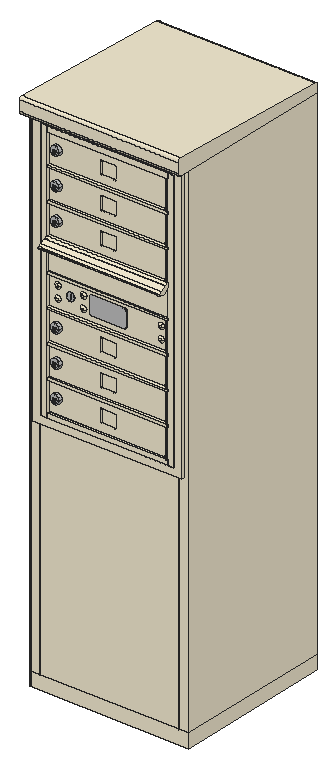
Revit family "Mailboxes_4C-Salsbury_Industries-Free_Standing-8_Door_High_Units", category Specialty Equipment, Revit 2016
Family settings
  Part Type = Normal
  Round Connector Dimension = Use Diameter
  OmniClass Number = 23.40.90.14.11
  OmniClass Title = Mail Boxes
  Work Plane-Based = No
  Always vertical = Yes
  Cut with Voids When Loaded = No
  Shared = No
  Room Calculation Point = No
Parameters (values of type "3908S-06")
  Width = 17.496"
  Visible Door Number = yes
  Version = "1.0 (06/30/17)"
  URL = "www.mailboxes.com"
  Type Comments = "Free-Standing 4C Horizontal Mailboxes - Front Loading"
  OmniClass 23 Title = "Mail Boxes"
  OmniClass 23 Number = "23.40.90.14.11"
  Model = "3908S-06"
  MasterFormat Title = "Postal Specialties"
  MasterFormat Number = "10 55 00"
  Manufacturer = "Salsbury Industries"
  Lock Material = Stainless Steel - Salsbury Finish -  Polished
  Height = 58.750"
  Front Panel Material [instance] = Paint - Salsbury Finish - Sandstone
  Front Panel Height = Height - [4C Unit Height] - 2.746"  # 25.504"
  Door Slot R8 Number [instance] = "6"
  Door Slot R7 Number [instance] = "5"
  Door Slot R6 Number [instance] = "4"
  Door Slot R5 Number [instance] = "0"
  Door Slot R4 Number [instance] = "0"
  Door Slot R3 Number [instance] = "3"
  Door Slot R2 Number [instance] = "2"
  Door Slot R1 Number [instance] = "1"
  Door Slot L8 Number [instance] = "0"
  Door Slot L7 Number [instance] = "0"
  Door Slot L6 Number [instance] = "0"
  Door Slot L5 Number [instance] = "0"
  Door Slot L4 Number [instance] = "0"
  Door Slot L3 Number [instance] = "0"
  Door Slot L2 Number [instance] = "0"
  Door Slot L1 Number [instance] = "0"
  Description = "8 Door High Unit:  6 MB1, OM2"
  Depth = 19.000"
  Assembly Description = "Mailboxes"
  Assembly Code = "C1030910"
  4C Unit Height = 30.500"
  4C Unit Elevation = 26.500"
  4C Unit = Mailboxes_4C-Salsbury_Industries-Front_Load-8_Door_High_Units : 3708S-06 FL
Reference planes (in)
  plane 1 "Center (Front/Back)": y = 0
  plane 2 "Bottom of Unit": z = 0
  plane 3 "Center (Left/Right)": x = 0
  plane 4 "Left Side of Unit": x = 8.748
  plane 5 "Right Side of Unit": x = -8.748
  plane 6 "Front of Unit": y = -9.5
  plane 7 "Back of Unit": y = 9.5
  plane 8: z = 29.375
  plane 9 "Top of Unit": z = 58.75
  plane 10 "Bottom Trim Line of Enclosure": z = 1.5
  plane 11 "Top Trim Line of Enclosure": z = 57
  plane 12 "Left Trim Line of Enclosure": x = 7.6855
  plane 13 "Right Trim Line of Enclosure": x = -7.685
  plane 14 "Top Back Line of Unit": z = 58
  plane 15 "Front Panel Top Line": z = 27.004
  plane 16 "Alignment of 4C Unit": y = -8.125
  plane 17: x = -8.667
  plane 18: x = 8.667
  plane 19: y = 9.419
  plane 20: y = -8.044
  plane 21: x = -8.667
  plane 22: x = 8.667
  plane 23: y = -8.044
  plane 24: y = 9.419
  plane 25: x = -8.667
  plane 26: x = 8.667
  plane 27: y = 9.419
  plane 28: y = -8.044
  plane 29 "Bottom Trim Line of 4C Unit": z = 26.5
  plane 30 "4C Unit Side Alignment": x = -8.17183
  plane 31: z = 0.081
Forms (in)
  Extrusion 1, solid, material "Paint - Salsbury Finish - Sandstone" <- "Front Panel Material"
    sketch origin (0, 0, 1.5) x (0, 1, 0) y (-1, 0, 0)
      loop
        line (-8.125, 7.685) -> (-8.044, 7.685) -> (-8.044, 8.667) -> (9.419, 8.667) -> (9.419, -8.667) -> (-8.044, -8.667) -> (-8.044, -7.6855) -> (-8.125, -7.6855) -> (-8.125, -8.748) -> (9.5, -8.748) -> (9.5, 8.748) -> (-8.125, 8.748) -> (-8.125, 7.685)
    from 0 to 55.5
  Extrusion 2, solid, material "Paint - Salsbury Finish - Sandstone" <- "Front Panel Material"
    sketch origin (0, 0, 0) x (1, 0, 0) y (0, 1, 0)
      loop
        line (-8.748, 9.5) -> (-8.748, -8.125) -> (8.748, -8.125) -> (8.748, 9.5) -> (-8.748, 9.5)
      loop
        line (-8.667, 9.419) -> (-8.667, -8.044) -> (8.667, -8.044) -> (8.667, 9.419) -> (-8.667, 9.419)
    from 0 to 1.5
  Extrusion 3, solid, material "Paint - Salsbury Finish - Sandstone" <- "Front Panel Material"
    sketch origin (0, 0, 0) x (1, 0, 0) y (0, 1, 0)
      loop
        line (-8.667, 9.419) -> (-8.667, -8.044) -> (8.667, -8.044) -> (8.667, 9.419) -> (-8.667, 9.419)
    from 0 to 0.081
  Extrusion 4, solid, material "Paint - Salsbury Finish - Sandstone" <- "Front Panel Material"
    sketch origin (0, -8.125, 0) x (1, 0, 0) y (0, 0, 1)
      loop
        line (7.6855, 1.5) -> (7.6855, 27.004) -> (-7.685, 27.004) -> (-7.685, 1.5) -> (7.6855, 1.5)
    from 0 to -0.081
  Extrusion 5, solid, material "Paint - Salsbury Finish - Sandstone" <- "Front Panel Material"
    sketch origin (0, 0, 0) x (0, 1, 0) y (0, 0, 1)
      loop
        line (-9.18965, 57) -> (9.5, 57) -> (9.5, 57.89071)
        arc (9.5, 57.89071) -> (9.47754, 57.95873) -> (9.419, 58) r 0.11423
        line (9.419, 58) -> (-9.184, 58.75)
        arc (-9.184, 58.75) -> (-9.40731, 58.65886) -> (-9.5, 58.43619) r 0.31382
        line (-9.5, 58.43619) -> (-9.5, 57.31035)
        arc (-9.5, 57.31035) -> (-9.4091, 57.0909) -> (-9.18965, 57) r 0.31035
    from -8.748 to 8.748
Lines and regions (in)
  symbolic lines
    curve 1: line (-8.748, 9.5, 0) -> (8.748, 9.5, 0)
    curve 2: line (-8.748, -9.5, 0) -> (-8.748, 9.5, 0)
    curve 3: line (8.748, -9.5, 0) -> (-8.748, -9.5, 0)
    curve 4: line (8.748, 9.5, 0) -> (8.748, -9.5, 0)
    curve 5: line (-8.748, 0, 58.75) -> (8.748, 0, 58.75)
    curve 6: line (-8.748, 0, 0) -> (-8.748, 0, 58.75)
    curve 7: line (8.748, 0, 0) -> (-8.748, 0, 0)
    curve 8: line (8.748, 0, 58.75) -> (8.748, 0, 0)
    curve 9: line (-8.748, 0, 57) -> (8.748, 0, 57)
    curve 10: line (-8.748, 0, 1.5) -> (8.748, 0, 1.5)
    curve 11: line (-7.685, 0, 1.5) -> (-7.685, 0, 26.5)
    curve 12: line (7.6855, 0, 1.5) -> (7.6855, 0, 26.5)
    curve 13: line (-7.685, 0, 27.004) -> (7.6855, 0, 27.004)
    curve 14: line (0, -8.125, 57.00073) -> (0, 9.5, 57.00073)
    curve 15: line (0, -8.125, 0) -> (0, -8.125, 57.00073)
    curve 16: line (0, 9.5, 0) -> (0, -8.125, 0)
    curve 17: line (0, 9.5, 57.00073) -> (0, 9.5, 0)
    curve 18: line (0, -8.125, 1.5) -> (0, 9.5, 1.5)
    curve 19: line (0, 9.5, 57.89071) -> (0, 9.5, 57.00073)
    curve 20: line (0, 9.5, 57.00073) -> (0, -9.19074, 57.00073)
    curve 21: line (0, -9.5, 57.30999) -> (0, -9.5, 58.43531)
    curve 22: arc (0, -9.19074, 57.00073) -> (0, -9.40942, 57.09131) -> (0, -9.5, 57.30999) r 0.30926
    curve 23: arc (0, -9.5, 58.43531) -> (0, -9.40736, 58.65896) -> (0, -9.18371, 58.7516) r 0.31629
    curve 24: arc (0, 9.5, 57.89071) -> (0, 9.47754, 57.95873) -> (0, 9.419, 58) r 0.11423
    curve 25: line (0, 9.419, 58) -> (0, -9.18371, 58.7516)
Dimensions and locks (in)
  equal spacing: plane 6 "Front of Unit", plane 1 "Center (Front/Back)", plane 7 "Back of Unit"
  "Depth": plane 6 "Front of Unit" to plane 7 "Back of Unit"
  equal spacing: plane 5 "Right Side of Unit", plane 3 "Center (Left/Right)", plane 4 "Left Side of Unit"
  "Width": plane 5 "Right Side of Unit" to plane 4 "Left Side of Unit"
  equal spacing: plane 2 "Bottom of Unit", plane 8, plane 9 "Top of Unit"
  plane 2 "Bottom of Unit" to plane 9 "Top of Unit" = 58.750"
  locked: plane 2 "Bottom of Unit" to plane 10 "Bottom Trim Line of Enclosure" at 1.5
  "Front Panel Height": plane 10 "Bottom Trim Line of Enclosure" to plane 15 "Front Panel Top Line"
  locked: plane 5 "Right Side of Unit" to plane 13 "Right Trim Line of Enclosure" at 1.063
  locked: plane 12 "Left Trim Line of Enclosure" to plane 4 "Left Side of Unit" at 1.0625
  plane 11 "Top Trim Line of Enclosure" to plane 14 "Top Back Line of Unit" to plane 9 "Top of Unit" = 1.000", 0.750"
  plane 6 "Front of Unit" to plane 16 "Alignment of 4C Unit" = 1.375"
  plane 11 "Top Trim Line of Enclosure" to plane 9 "Top of Unit" = 1.750"
  plane 5 "Right Side of Unit" to plane 17 = 0.081"
  plane 19 to plane 7 "Back of Unit" = 0.081"
  plane 18 to plane 4 "Left Side of Unit" = 0.081"
  plane 16 "Alignment of 4C Unit" to plane 20 = 0.081"
  plane 24 to plane 7 "Back of Unit" = 0.081"
  plane 5 "Right Side of Unit" to plane 21 = 0.081"
  plane 22 to plane 4 "Left Side of Unit" = 0.081"
  plane 16 "Alignment of 4C Unit" to plane 23 = 0.081"
  plane 16 "Alignment of 4C Unit" to plane 28 = 0.081"
  plane 26 to plane 4 "Left Side of Unit" = 0.081"
  plane 5 "Right Side of Unit" to plane 25 = 0.081"
  plane 27 to plane 7 "Back of Unit" = 0.081"
  plane 30 "4C Unit Side Alignment" to plane 13 "Right Trim Line of Enclosure" = 0.48683"
  locked: plane 31 to plane 2 "Bottom of Unit" at 0.081
  "Height": plane 9 "Top of Unit" to plane 2 "Bottom of Unit"
  "4C Unit Height": plane 11 "Top Trim Line of Enclosure" to plane 29 "Bottom Trim Line of 4C Unit"
  plane 15 "Front Panel Top Line" to plane 29 "Bottom Trim Line of 4C Unit" = 0.504"
  aligned and locked: level to plane 2 "Bottom of Unit"
  aligned and locked: Extrusion 1 to plane 11 "Top Trim Line of Enclosure"
  aligned and locked: Extrusion 2 sketch curve to Extrusion 1  (x4)
  aligned and locked: Extrusion 2 to plane 10 "Bottom Trim Line of Enclosure"
  aligned and locked: Extrusion 3 sketch curve to Extrusion 1  (x3)
  aligned and locked: plane 15 "Front Panel Top Line" to Extrusion 4 sketch curve
  aligned and locked: plane 13 "Right Trim Line of Enclosure" to Extrusion 4 sketch curve
  aligned and locked: plane 12 "Left Trim Line of Enclosure" to Extrusion 4 sketch curve
  aligned and locked: Extrusion 5 to plane 4 "Left Side of Unit"
  aligned and locked: plane 5 "Right Side of Unit" to Extrusion 5
  aligned and locked: plane 13 "Right Trim Line of Enclosure" to Extrusion 1 sketch curve
  aligned and locked: Extrusion 1 sketch curve to plane 20
  aligned and locked: Extrusion 1 sketch curve to plane 16 "Alignment of 4C Unit"  (x2)
  aligned and locked: Extrusion 1 sketch curve to plane 5 "Right Side of Unit"
  aligned and locked: plane 17 to Extrusion 1 sketch curve
  aligned and locked: Extrusion 1 sketch curve to plane 19
  aligned and locked: plane 7 "Back of Unit" to Extrusion 1 sketch curve
  aligned and locked: plane 4 "Left Side of Unit" to Extrusion 1 sketch curve
  aligned and locked: Extrusion 1 sketch curve to plane 18
  aligned and locked: plane 20 to Extrusion 1 sketch curve
  aligned and locked: plane 12 "Left Trim Line of Enclosure" to Extrusion 1 sketch curve
  aligned and locked: plane 10 "Bottom Trim Line of Enclosure" to Extrusion 1
  aligned and locked: plane 6 "Front of Unit" to Extrusion 5 sketch curve  (x2)
  aligned and locked: plane 11 "Top Trim Line of Enclosure" to Extrusion 5 sketch curve
  aligned and locked: Extrusion 5 sketch curve to plane 7 "Back of Unit"
  aligned and locked: plane 7 "Back of Unit" to Extrusion 5 sketch curve
  aligned and locked: plane 14 "Top Back Line of Unit" to Extrusion 5 sketch curve
  aligned and locked: plane 9 "Top of Unit" to Extrusion 5 sketch curve
  aligned and locked: Extrusion 4 sketch curve to plane 10 "Bottom Trim Line of Enclosure"
  aligned and locked: plane 16 "Alignment of 4C Unit" to Extrusion 4
  aligned and locked: Extrusion 4 to plane 28
  aligned and locked: Extrusion 3 to plane 2 "Bottom of Unit"
  aligned and locked: plane 31 to Extrusion 3
  aligned and locked: Extrusion 2 to plane 2 "Bottom of Unit"
  aligned and locked: plane 22 to Extrusion 2 sketch curve
  aligned and locked: Extrusion 2 sketch curve to plane 21
  aligned and locked: plane 24 to Extrusion 2 sketch curve
  aligned and locked: curve 1 to Extrusion 1
  aligned and locked: curve 2 to Extrusion 1
  aligned and locked: curve 4 to Extrusion 1
  aligned and locked: curve 6 to Extrusion 5
  aligned and locked: curve 7 to Extrusion 2
  aligned and locked: plane 9 "Top of Unit" to curve 5
  aligned and locked: curve 9 to Extrusion 1
  aligned and locked: plane 5 "Right Side of Unit" to curve 9
  aligned and locked: plane 4 "Left Side of Unit" to curve 9
  aligned and locked: plane 4 "Left Side of Unit" to curve 10
  aligned and locked: Extrusion 1 to curve 11
  aligned and locked: plane 10 "Bottom Trim Line of Enclosure" to curve 11
  aligned and locked: curve 12 to Extrusion 1
  aligned and locked: plane 10 "Bottom Trim Line of Enclosure" to curve 12
  aligned and locked: curve 13 to Extrusion 4
  aligned and locked: plane 12 "Left Trim Line of Enclosure" to curve 13
  aligned and locked: plane 13 "Right Trim Line of Enclosure" to curve 13
  aligned and locked: plane 7 "Back of Unit" to curve 17
  aligned and locked: plane 2 "Bottom of Unit" to curve 16
  aligned and locked: plane 11 "Top Trim Line of Enclosure" to Extrusion 5
  aligned and locked: plane 16 "Alignment of 4C Unit" to Extrusion 1
  aligned and locked: Extrusion 1 to curve 18
  aligned and locked: plane 7 "Back of Unit" to curve 18
  aligned and locked: plane 16 "Alignment of 4C Unit" to curve 18
  aligned and locked: curve 19 to Extrusion 5
  aligned and locked: curve 20 to curve 14
  aligned and locked: curve 21 to Extrusion 5
  aligned and locked: plane 29 "Bottom Trim Line of 4C Unit" to curve 12
  aligned and locked: curve 3 to plane 6 "Front of Unit"
  aligned and locked: plane 30 "4C Unit Side Alignment" to nested 1
Automatic sketch dimensions
  Extrusion 5 sketch curve to plane 27 = 0.000"
  Extrusion 5 sketch curve to plane 6 "Front of Unit" = 0.31035"
  Extrusion 5 sketch curve to plane 6 "Front of Unit" = 0.31382"
  plane 27 to Extrusion 5 sketch curve = 0.03323"
  Extrusion 5 sketch curve to Extrusion 5 sketch curve = 0.00218"
  plane 23 to Extrusion 2 sketch curve = 0.000"
  plane 28 to Extrusion 3 sketch curve = 0.000"
  plane 14 "Top Back Line of Unit" to curve 25 = 0.000"
  curve 25 to plane 27 = 0.000"
  curve 22 to plane 6 "Front of Unit" = 0.30926"
  plane 27 to curve 24 = 0.03323"
  curve 15 to plane 11 "Top Trim Line of Enclosure" = 0.00073"
  plane 9 "Top of Unit" to curve 21 = 0.31469"
  curve 25 to plane 9 "Top of Unit" = 0.0016"
  curve 11 to plane 29 "Bottom Trim Line of 4C Unit" = 0.000"
Nested families (in)
  nested 1: "Mailboxes_4C-Salsbury_Industries-Front_Load-8_Door_High_Units" at (7.377, -8.125, -0.183) x (-1, 0, 0) z (0, 0, 1), built-in parameter 1001360 <- "4C Unit Elevation", type <- "4C Unit", Front Panel Material <- "Front Panel Material", Visible Door Number <- "Visible Door Number", Door Slot L1 Number <- "Door Slot L1 Number", Door Slot L2 Number <- "Door Slot L2 Number", Door Slot L3 Number <- "Door Slot L3 Number", Door Slot L4 Number <- "Door Slot L4 Number", Door Slot L5 Number <- "Door Slot L5 Number", Door Slot L6 Number <- "Door Slot L6 Number", Door Slot L7 Number <- "Door Slot L7 Number", Door Slot L8 Number <- "Door Slot L8 Number", Door Slot R1 Number <- "Door Slot R1 Number", Door Slot R2 Number <- "Door Slot R2 Number", Door Slot R3 Number <- "Door Slot R3 Number", Door Slot R4 Number <- "Door Slot R4 Number", Door Slot R5 Number <- "Door Slot R5 Number", Door Slot R6 Number <- "Door Slot R6 Number", Door Slot R7 Number <- "Door Slot R7 Number", Door Slot R8 Number <- "Door Slot R8 Number", type "3708S-06 FL"
    with Visible Door Number yes, Front Panel Material Paint - Salsbury Finish - Sandstone, Door Slot R8 Number "6", Door Slot R7 Number "5", Door Slot R6 Number "4", Door Slot R5 Number "0", Door Slot R4 Number "0", Door Slot R3 Number "3", Door Slot R2 Number "2", Door Slot R1 Number "1", Door Slot L8 Number "0", Door Slot L7 Number "0", Door Slot L6 Number "0", Door Slot L5 Number "0", Door Slot L4 Number "0", Door Slot L3 Number "0", Door Slot L2 Number "0", Door Slot L1 Number "0", built-in parameter 1001320 48.000"
Definition of nested family "Mailboxes_4C-Salsbury_Industries-Front_Load-8_Door_High_Units"
  Parameters (values of type "3708S-06 FL")
    Width = 16.344"
    URL = "www.mailboxes.com"
    OmniClass 23 Title = "Mail Boxes"
    OmniClass 23 Number = "23.40.90.14.11"
    Visible Door Number [instance] = yes
    Vertical Center Divider = no
    Version = "3.0 (06/30/17)"
    Type Comments = "4C Standard Horizontal Mailbox - Front Loading"
    Top Back Plate = yes
    Right Inside Wall = yes
    Model = "3708S-06 FL"
    MasterFormat Title = "Postal Specialties"
    MasterFormat Number = "10 55 00"
    Manufacturer = "Salsbury Industries"
    Mail Door Symbollic = yes
    Lock Material = none
    Left Inside Wall = yes
    Keynote = ""
    Height = 30.500"
    Front Panel Material [instance] = none
    Door Slot R8 Number [instance] = "6"
    Door Slot R8 = 3700 Series 4C Door Configurations : MB1 Door w/ Divider
    Door Slot R7 Number [instance] = "5"
    Door Slot R7 = 3700 Series 4C Door Configurations : MB1 Door w/ Divider
    Door Slot R6 Number [instance] = "4"
    Door Slot R6 = 3700 Series 4C Door Configurations : MB1 Door w/ Divider
    Door Slot R5 Number [instance] = "0"
    Door Slot R5 = 3700 Series 4C OM2 Configuration : OM2-FL
    Door Slot R4 Number [instance] = "0"
    Door Slot R4 = 3700 Series 4C Door Configurations : Empty
    Door Slot R3 Number [instance] = "3"
    Door Slot R3 = 3700 Series 4C Door Configurations : MB1 Door w/ Divider
    Door Slot R2 Number [instance] = "2"
    Door Slot R2 = 3700 Series 4C Door Configurations : MB1 Door w/ Divider
    Door Slot R1 Number [instance] = "1"
    Door Slot R1 = 3700 Series 4C Door Configurations : MB1 Door
    Door Slot L8 Number [instance] = "0"
    Door Slot L8 = 3700 Series 4C Door Configurations : Empty
    Door Slot L7 Number [instance] = "0"
    Door Slot L7 = 3700 Series 4C Door Configurations : Empty
    Door Slot L6 Number [instance] = "0"
    Door Slot L6 = 3700 Series 4C Door Configurations : Empty
    Door Slot L5 Number [instance] = "0"
    Door Slot L5 = 3700 Series 4C Door Configurations : Empty
    Door Slot L4 Number [instance] = "0"
    Door Slot L4 = 3700 Series 4C Door Configurations : Empty
    Door Slot L3 Number [instance] = "0"
    Door Slot L3 = 3700 Series 4C Door Configurations : Empty
    Door Slot L2 Number [instance] = "0"
    Door Slot L2 = 3700 Series 4C Door Configurations : Empty
    Door Slot L1 Number [instance] = "0"
    Door Slot L1 = 3700 Series 4C Door Configurations : Empty
    Description = "8 Door High Unit:  6 MB1, OM2"
    Depth = 17.025"
    Default Elevation [instance] = 48.000"
    Center Extrusion Offset = 0.000"
    Bottom Back Plate = yes
    Back Enclosure Material = none
    Assembly Description = "Mailboxes"
    Assembly Code = "C1030910"
  Types (11): name | Width | Vertical Center Divider | Type Comments | Top Back Plate | Right Inside Wall | Model | Mail Door Symbollic | Left Inside Wall | Door Slot R8 Number | Door Slot R8 | Door Slot R7 Number | Door Slot R7 | Door Slot R6 Number | Door Slot R6 | Door Slot R5 | Door Slot R4 Number | Door Slot R4 | Door Slot R3 Number | Door Slot R3 | Door Slot R2 Number | Door Slot R2 | Door Slot R1 Number | Door Slot R1 | Door Slot L8 Number | Door Slot L8 | Door Slot L7 Number | Door Slot L7 | Door Slot L6 Number | Door Slot L6 | Door Slot L5 Number | Door Slot L5 | Door Slot L4 Number | Door Slot L4 | Door Slot L3 Number | Door Slot L3 | Door Slot L2 Number | Door Slot L2 | Door Slot L1 Number | Door Slot L1 | Description | Center Extrusion Offset | Bottom Back Plate
    3708S-1B FL | 16.344" | no | "4C Horizontal Receptacle Bin - Front Loading" | no | no | "3708S-1B FL" | no | no | "0" | 4C-8 Door High Receptacle : 4C-8 Door High Receptacle | "0" | 3700 Series 4C Door Configurations : Empty | "0" | 3700 Series 4C Door Configurations : Empty | 3700 Series 4C Door Configurations : Empty | "0" | 3700 Series 4C Door Configurations : Empty | "0" | 3700 Series 4C Door Configurations : Empty | "0" | 3700 Series 4C Door Configurations : Empty | "0" | 3700 Series 4C Door Configurations : Empty | "0" | 3700 Series 4C Door Configurations : Empty | "0" | 3700 Series 4C Door Configurations : Empty | "0" | 3700 Series 4C Door Configurations : Empty | "0" | 3700 Series 4C Door Configurations : Empty | "0" | 3700 Series 4C Door Configurations : Empty | "0" | 3700 Series 4C Door Configurations : Empty | "0" | 3700 Series 4C Door Configurations : Empty | "0" | 3700 Series 4C Door Configurations : Empty | "8 Door High Unit" | 48.000" | no
    3708S-1C FL | 16.344" | no | "4C Horizontal Collection Box - Front Loading" | no | no | "3708S-1C FL" | no | no | "0" | 4C-8 Door High Collection Box : 4C-8 Door High Collection Box | "0" | 3700 Series 4C Door Configurations : Empty | "0" | 3700 Series 4C Door Configurations : Empty | 3700 Series 4C Door Configurations : Empty | "0" | 3700 Series 4C Door Configurations : Empty | "0" | 3700 Series 4C Door Configurations : Empty | "0" | 3700 Series 4C Door Configurations : Empty | "0" | 3700 Series 4C Door Configurations : Empty | "0" | 3700 Series 4C Door Configurations : Empty | "0" | 3700 Series 4C Door Configurations : Empty | "0" | 3700 Series 4C Door Configurations : Empty | "0" | 3700 Series 4C Door Configurations : Empty | "0" | 3700 Series 4C Door Configurations : Empty | "0" | 3700 Series 4C Door Configurations : Empty | "0" | 3700 Series 4C Door Configurations : Empty | "0" | 3700 Series 4C Door Configurations : Empty | "8 Door High Unit" | 48.000" | no
    3708D-14 FL | 31.09766" | yes | "4C Standard Horizontal Mailbox - Front Loading" | yes | yes | "3708D-14 FL" | yes | yes | "14" | 3700 Series 4C Door Configurations : MB1 Door w/ Divider | "13" | 3700 Series 4C Door Configurations : MB1 Door w/ Divider | "12" | 3700 Series 4C Door Configurations : MB1 Door w/ Divider | 3700 Series 4C OM2 Configuration : OM2-FL | "0" | 3700 Series 4C Door Configurations : Empty | "11" | 3700 Series 4C Door Configurations : MB1 Door w/ Divider | "10" | 3700 Series 4C Door Configurations : MB1 Door w/ Divider | "9" | 3700 Series 4C Door Configurations : MB1 Door | "8" | 3700 Series 4C Door Configurations : MB1 Door w/ Divider | "7" | 3700 Series 4C Door Configurations : MB1 Door w/ Divider | "6" | 3700 Series 4C Door Configurations : MB1 Door w/ Divider | "5" | 3700 Series 4C Door Configurations : MB1 Door w/ Divider | "4" | 3700 Series 4C Door Configurations : MB1 Door w/ Divider | "3" | 3700 Series 4C Door Configurations : MB1 Door w/ Divider | "2" | 3700 Series 4C Door Configurations : MB1 Door w/ Divider | "1" | 3700 Series 4C Door Configurations : MB1 Door | "8 Door High Unit:  14 MB1, OM2" | 0.000" | yes
    3708S-06 FL | 16.344" | no | "4C Standard Horizontal Mailbox - Front Loading" | yes | yes | "3708S-06 FL" | yes | yes | "6" | 3700 Series 4C Door Configurations : MB1 Door w/ Divider | "5" | 3700 Series 4C Door Configurations : MB1 Door w/ Divider | "4" | 3700 Series 4C Door Configurations : MB1 Door w/ Divider | 3700 Series 4C OM2 Configuration : OM2-FL | "0" | 3700 Series 4C Door Configurations : Empty | "3" | 3700 Series 4C Door Configurations : MB1 Door w/ Divider | "2" | 3700 Series 4C Door Configurations : MB1 Door w/ Divider | "1" | 3700 Series 4C Door Configurations : MB1 Door | "0" | 3700 Series 4C Door Configurations : Empty | "0" | 3700 Series 4C Door Configurations : Empty | "0" | 3700 Series 4C Door Configurations : Empty | "0" | 3700 Series 4C Door Configurations : Empty | "0" | 3700 Series 4C Door Configurations : Empty | "0" | 3700 Series 4C Door Configurations : Empty | "0" | 3700 Series 4C Door Configurations : Empty | "0" | 3700 Series 4C Door Configurations : Empty | "8 Door High Unit:  6 MB1, OM2" | 0.000" | yes
    3708D-13 FL | 31.09766" | yes | "4C Standard Horizontal Mailbox - Front Loading" | yes | yes | "3708D-13 FL" | yes | yes | "13" | 3700 Series 4C Door Configurations : MB1 Door w/ Divider | "12" | 3700 Series 4C Door Configurations : MB1 Door w/ Divider | "0" | 3700 Series 4C OM3 Configuration : OM3-FL | 3700 Series 4C Door Configurations : Empty | "0" | 3700 Series 4C Door Configurations : Empty | "11" | 3700 Series 4C Door Configurations : MB1 Door w/ Divider | "10" | 3700 Series 4C Door Configurations : MB1 Door w/ Divider | "9" | 3700 Series 4C Door Configurations : MB1 Door | "8" | 3700 Series 4C Door Configurations : MB1 Door w/ Divider | "7" | 3700 Series 4C Door Configurations : MB1 Door w/ Divider | "6" | 3700 Series 4C Door Configurations : MB1 Door w/ Divider | "5" | 3700 Series 4C Door Configurations : MB1 Door w/ Divider | "4" | 3700 Series 4C Door Configurations : MB1 Door w/ Divider | "3" | 3700 Series 4C Door Configurations : MB1 Door w/ Divider | "2" | 3700 Series 4C Door Configurations : MB1 Door w/ Divider | "1" | 3700 Series 4C Door Configurations : MB1 Door | "8 Door High Unit:  13 MB1, OM3" | 0.000" | yes
    3708D-09 FL | 31.09766" | yes | "4C Standard Horizontal Mailbox - Front Loading" | yes | yes | "3708D-09 FL" | yes | yes | "9" | 3700 Series 4C Door Configurations : MB1 Door w/ Divider | "8" | 3700 Series 4C Door Configurations : MB1 Door w/ Divider | "7" | 3700 Series 4C Door Configurations : MB1 Door w/ Divider | 3700 Series 4C OM2 Configuration : OM2-FL | "0" | 3700 Series 4C Door Configurations : Empty | "6" | 3700 Series 4C Door Configurations : MB1 Door w/ Divider | "5" | 3700 Series 4C Door Configurations : MB1 Door w/ Divider | "4" | 3700 Series 4C Door Configurations : MB1 Door | "1P" | 3700 Series 4C Parcel Configurations : PL5 w/ Divider | "0" | 3700 Series 4C Door Configurations : Empty | "0" | 3700 Series 4C Door Configurations : Empty | "0" | 3700 Series 4C Door Configurations : Empty | "0" | 3700 Series 4C Door Configurations : Empty | "3" | 3700 Series 4C Door Configurations : MB1 Door w/ Divider | "2" | 3700 Series 4C Door Configurations : MB1 Door w/ Divider | "1" | 3700 Series 4C Door Configurations : MB1 Door | "8 Door High Unit:  9 MB1, 1 PL5, OM2" | 0.000" | yes
    3708D-07 FL | 31.09766" | yes | "4C Standard Horizontal Mailbox - Front Loading" | yes | yes | "3708D-07 FL" | yes | yes | "7" | 3700 Series 4C Door Configurations : MB2 Door w/ Divider | "0" | 3700 Series 4C Door Configurations : Empty | "6" | 3700 Series 4C Door Configurations : MB2 Door w/ Divider | 3700 Series 4C Door Configurations : Empty | "0" | 3700 Series 4C OM2 Configuration : OM2-FL | "0" | 3700 Series 4C Door Configurations : Empty | "5" | 3700 Series 4C Door Configurations : MB2 Door | "0" | 3700 Series 4C Door Configurations : Empty | "4" | 3700 Series 4C Door Configurations : MB2 Door w/ Divider | "0" | 3700 Series 4C Door Configurations : Empty | "3" | 3700 Series 4C Door Configurations : MB2 Door w/ Divider | "0" | 3700 Series 4C Door Configurations : Empty | "2" | 3700 Series 4C Door Configurations : MB2 Door w/ Divider | "0" | 3700 Series 4C Door Configurations : Empty | "1" | 3700 Series 4C Door Configurations : MB2 Door | "0" | 3700 Series 4C Door Configurations : Empty | "8 Door High Unit:  7 MB2, OM2" | 0.000" | yes
    3708D-04 FL | 31.09766" | yes | "4C Standard Horizontal Mailbox - Front Loading" | yes | yes | "3708D-04 FL" | yes | yes | "4" | 3700 Series 4C Door Configurations : MB2 Door w/ Divider | "0" | 3700 Series 4C Door Configurations : Empty | "3" | 3700 Series 4C Door Configurations : MB2 Door w/ Divider | 3700 Series 4C Door Configurations : Empty | "0" | 3700 Series 4C OM2 Configuration : OM2-FL | "0" | 3700 Series 4C Door Configurations : Empty | "2" | 3700 Series 4C Door Configurations : MB2 Door | "0" | 3700 Series 4C Door Configurations : Empty | "1P" | 3700 Series 4C Parcel Configurations : PL6 w/ Divider | "0" | 3700 Series 4C Door Configurations : Empty | "0" | 3700 Series 4C Door Configurations : Empty | "0" | 3700 Series 4C Door Configurations : Empty | "0" | 3700 Series 4C Door Configurations : Empty | "0" | 3700 Series 4C Door Configurations : Empty | "1" | 3700 Series 4C Door Configurations : MB2 Door | "0" | 3700 Series 4C Door Configurations : Empty | "8 Door High Unit:  4 MB2, 1 PL6, OM2" | 0.000" | yes
    3708S-03 FL | 16.344" | no | "4C Standard Horizontal Mailbox - Front Loading" | yes | yes | "3708S-03 FL" | yes | yes | "3" | 3700 Series 4C Door Configurations : MB2 Door w/ Divider | "0" | 3700 Series 4C Door Configurations : Empty | "2" | 3700 Series 4C Door Configurations : MB2 Door w/ Divider | 3700 Series 4C Door Configurations : Empty | "0" | 3700 Series 4C OM2 Configuration : OM2-FL | "0" | 3700 Series 4C Door Configurations : Empty | "1" | 3700 Series 4C Door Configurations : MB2 Door | "0" | 3700 Series 4C Door Configurations : Empty | "0" | 3700 Series 4C Door Configurations : Empty | "0" | 3700 Series 4C Door Configurations : Empty | "0" | 3700 Series 4C Door Configurations : Empty | "0" | 3700 Series 4C Door Configurations : Empty | "0" | 3700 Series 4C Door Configurations : Empty | "0" | 3700 Series 4C Door Configurations : Empty | "0" | 3700 Series 4C Door Configurations : Empty | "0" | 3700 Series 4C Door Configurations : Empty | "8 Door High Unit:  3 MB2, OM2" | 0.000" | yes
    3708S-01 FL | 16.344" | no | "4C Standard Horizontal Mailbox - Front Loading" | yes | yes | "3708S-01 FL" | yes | yes | "1P" | 3700 Series 4C Parcel Configurations : PL5 w/ Divider | "0" | 3700 Series 4C Door Configurations : Empty | "0" | 3700 Series 4C Door Configurations : Empty | 3700 Series 4C Door Configurations : Empty | "0" | 3700 Series 4C Door Configurations : Empty | "0" | 3700 Series 4C OM2 Configuration : OM2-FL | "0" | 3700 Series 4C Door Configurations : Empty | "1" | 3700 Series 4C Door Configurations : MB1 Door | "0" | 3700 Series 4C Door Configurations : Empty | "0" | 3700 Series 4C Door Configurations : Empty | "0" | 3700 Series 4C Door Configurations : Empty | "0" | 3700 Series 4C Door Configurations : Empty | "0" | 3700 Series 4C Door Configurations : Empty | "0" | 3700 Series 4C Door Configurations : Empty | "0" | 3700 Series 4C Door Configurations : Empty | "0" | 3700 Series 4C Door Configurations : Empty | "8 Door High Unit:  1 MB1, 1 PL5, OM2" | 0.000" | yes
    3708S-2P FL | 16.344" | no | "4C Standard Horizontal Mailbox - Front Loading" | yes | yes | "3708S-2P FL" | no | yes | "2P" | 3700 Series 4C Parcel Configurations : PL4 w/ Divider | "0" | 3700 Series 4C Door Configurations : Empty | "0" | 3700 Series 4C Door Configurations : Empty | 3700 Series 4C Door Configurations : Empty | "1P" | 3700 Series 4C Parcel Configurations : PL4 | "0" | 3700 Series 4C Door Configurations : Empty | "0" | 3700 Series 4C Door Configurations : Empty | "0" | 3700 Series 4C Door Configurations : Empty | "0" | 3700 Series 4C Door Configurations : Empty | "0" | 3700 Series 4C Door Configurations : Empty | "0" | 3700 Series 4C Door Configurations : Empty | "0" | 3700 Series 4C Door Configurations : Empty | "0" | 3700 Series 4C Door Configurations : Empty | "0" | 3700 Series 4C Door Configurations : Empty | "0" | 3700 Series 4C Door Configurations : Empty | "0" | 3700 Series 4C Door Configurations : Empty | "8 Door High Unit:  2 PL4" | 0.000" | yes
  Reference planes (in)
    plane 1 "Wall Centerline": y = -3
    plane 2 "Center (Left/Right)": x = 0
    plane 3 "Front": y = 0
    plane 4 "15" AFF": z = 28
    plane 5 "28" AFF": z = 28
    plane 6 "36" AFF": z = 36
    plane 7 "48" AFF": z = 48
    plane 8 "Bottom of Unit": z = 26.683
    plane 9 "Top of Unit": z = 57.183
    plane 10 "Left Side of Unit": x = 15.54883
    plane 11 "Right Side of Unit": x = -0.79517
    plane 12 "28" AFF_Bottom of Unit": z = 26.683
    plane 13 "Top Horiz Trim Align": z = 56.35225
    plane 14 "Bottom Horiz Trim Align": z = 27.515
    plane 15 "Left Trim Align": x = 14.716
    plane 16 "Right Trim Align": x = 0.03766
    plane 17 "Left Door Align": x = 14.06641
    plane 18 "Right Door Align": x = 0.68725
    plane 19 "Top Horiz Door Align": z = 55.76125
    plane 20 "Bottom Horiz Door Align": z = 28
    plane 21 "Front Face of Unit": y = 0.265
    plane 22 "Top Housing Align": z = 56.679
    plane 23 "Top Collar Align": z = 56.531
    plane 24 "Top Box Align": z = 56.176
    plane 25 "Vertical Housing Align": y = -1.205
    plane 26 "Vertical Collar Align": y = -2.205
    plane 27 "Back of Unit": y = -16.76
    plane 28 "Bottom Housing Align": z = 27.187
    plane 29 "Bottom Collar Align": z = 27.335
    plane 30 "Bottom Box Align": z = 27.75
    plane 31 "Door Alignment": y = -0.33191
    plane 32 "Right Housing Align": x = -0.08817
    plane 33 "Right Collar Align": x = 1.34483
    plane 34 "Right Box Side Align": x = 1.67283
    plane 35 "Left Housing Align": x = 14.84183
    plane 36 "Left Collar Align": x = 13.40883
    plane 37 "Left Side Box Align": x = 13.08083
    plane 38 "Top Back Plate Align": z = 55.397
    plane 39 "Bottom Back Plate Align": z = 28.499
    plane 40 "Back": y = -6
    plane 41 "RO Left Side": x = 15.17383
    plane 42 "RO Right Side": x = -0.42017
    plane 43 "RO Bottom": z = 27.058
    plane 44 "RO Top": z = 56.808
    plane 45 "Horiz Centerline": z = 42.04237
    plane 46: z = 27.885
    plane 47: x = 12.99983
    plane 48: x = 12.92758
    plane 49 "Center Extrusion": x = 0
    plane 50 "Center Extrusion Offset": x = 0
    plane 51 "Row 8 Top Align": z = 31.5
    plane 52 "Row 7 Top Align": z = 35
    plane 53 "Row 6 Top Align": z = 38.5
    plane 54 "Row 5 Top Align": z = 42
    plane 55 "Row 4 Top Align": z = 45.5
    plane 56 "Row 3 Top Align": z = 49
    plane 57 "Row 2 Top Align": z = 52.5
    plane 58 "Row 16 Top Align-Private": z = 31.5
    plane 59 "Row 15 Top Align-Private": z = 35
    plane 60 "Row 14 Top Align-Private": z = 38.5
    plane 61 "Row 13 Top Align-Private": z = 42
    plane 62 "Row 12 Top Align-Private": z = 45.5
    plane 63 "Row 11 Top Align-Private": z = 49
    plane 64 "Row 10 Top Align-Private": z = 52.25
    plane 65 "Row 9 Top Align-Private": z = 55.75
    plane 66 "Row 8 Top Align-Private": z = 59.25
    plane 67 "Top of Face Gap": z = 61.25
    plane 68 "Top Latch Align": z = 47.876
    plane 69 "Bottom Latch Align": z = 36.05
    plane 70 "Right Latch Align": x = -0.69183
    plane 71 "Left Latch Align": x = 0.69098
    plane 72 "Latch Alignment Edge": x = -0.79517
    plane 73: x = -12.92783
    plane 74: x = -12.99983
    plane 75: y = -16.84203
    plane 76: x = -2
    plane 77: x = -0.7705
    plane 78: x = 0.7705
    plane 79: x = 2
    plane 80: y = -16.67797
    plane 81: x = -0.69098
    plane 82: x = 0.69183
    plane 83: z = 53.897
    plane 84: z = 29.999
    plane 85: z = 55.81729
    plane 86: z = 28.41625
    plane 87: z = 27.446
    plane 88: z = 28.055
    plane 89: y = -6
    plane 90: x = 14.06267
  Forms (in)
    Extrusion 1, solid, material <- "Front Panel Material"
      sketch origin (0, 0, 0) x (1, 0, 0) y (0, 0, 1)
        loop
          line (15.54883, 57.183) -> (-0.79517, 57.183) -> (-0.79517, 26.683) -> (15.54883, 26.683) -> (15.54883, 57.183)
      from -0.265 to 0
    Extrusion 2, void
      sketch origin (0, 0.265, 0.00774) x (0, 0, -1) y (-1, 0, 0)
        loop
          line (-56.34451, -14.716) -> (-27.50726, -14.716) -> (-27.50726, -0.03766) -> (-56.34451, -0.03766) -> (-56.34451, -14.716)
      from -0.265 to 0
    Extrusion 3, solid, material <- "Front Panel Material"
      sketch origin (14.98214, 0.265, -1.67978) x (0, 0, -1) y (-1, 0, 0)
        loop
          line (-58.03203, 14.94448) -> (-58.03203, 14.29489) -> (-29.19478, 14.29489) -> (-29.19478, 14.94448) -> (-58.03203, 14.94448)
      from 0 to -0.265
    Extrusion 4, solid, material <- "Front Panel Material"
      sketch origin (0, 0.265, 0) x (0, 0, -1) y (-1, 0, 0)
        loop
          line (-27.515, -14.06641) -> (-27.515, -0.68725) -> (-28, -0.68725) -> (-28, -14.06641) -> (-27.515, -14.06641)
      from -0.265 to 0
    Extrusion 5, solid, material <- "Front Panel Material"
      sketch origin (0, 0.265, 0) x (0, 0, -1) y (-1, 0, 0)
        loop
          line (-56.35225, -14.716) -> (-27.515, -14.716) -> (-27.515, -14.06641) -> (-56.35225, -14.06641) -> (-56.35225, -14.716)
      from 0 to -0.265
    Extrusion 6, solid, material <- "Front Panel Material"
      sketch origin (0, 0.265, 0) x (0, 0, -1) y (-1, 0, 0)
        loop
          line (-56.35225, -14.06641) -> (-55.76125, -14.06641) -> (-55.76125, -0.68725) -> (-56.35225, -0.68725) -> (-56.35225, -14.06641)
      from -0.265 to 0
    Extrusion 7, solid, material <- "Front Panel Material", visible <- "Vertical Center Divider"
      sketch origin (-0.77934, 0.265, 0) x (0, 0, 1) y (1, 0, 0)
        loop
          line (56.35225, 1.47033) -> (27.515, 1.47033) -> (27.515, 0.08752) -> (56.35225, 0.08752) -> (56.35225, 1.47033)
      from 0 to -1.47
    Extrusion 8, solid
      sketch origin (0, -6, 60) x (0, 0, 1) y (1, 0, 0)
        loop
          line (-60, -60) -> (60, -60) -> (60, 60) -> (-60, 60) -> (-60, -60)
      from 0 to 6
  Cuts and joins
    Extrusion 2 cuts Extrusion 1
  Lines and regions (in)
    model lines
      curve 1: line (15.54883, 0.265, 57.183) -> (14.716, 0.265, 56.35225)
      curve 2: line (-0.79517, 0.265, 57.183) -> (0.03766, 0.265, 56.35225)
      curve 3: line (-0.79517, 0.265, 26.683) -> (0.03766, 0.265, 27.515)
      curve 4: line (15.54883, 0.265, 26.683) -> (14.716, 0.265, 27.515)
    reference lines
      curve 5: line (0.68725, -0.33191, 26.683) -> (0.68725, -0.33191, 57.183)
      curve 6: line (14.06641, -0.33191, 26.683) -> (14.06641, -0.33191, 57.183)
    symbolic lines
      curve 7: line (-0.79517, 0.265, 28) -> (15.54883, 0.265, 28)
      curve 8: line (-0.79517, 0, 28) -> (-0.79517, 0.265, 28)
      curve 9: line (15.54883, 0, 28) -> (-0.79517, 0, 28)
      curve 10: line (15.54883, 0.265, 28) -> (15.54883, 0, 28)
    symbolic lines, visible <- "Mail Door Symbollic"
      curve 11: line (0.68725, 0.265, 28) -> (0.68725, 1.43, 28)
      curve 12: line (0.68725, 1.43, 28) -> (14.06267, 1.43, 28)
      curve 13: line (14.06267, 1.43, 28) -> (14.06267, 0.265, 28)
  Text (in)
    text "Placement Side" at (0, 40.15149, 123.01588), in view "Right"
    text "Placement Side" at (-58.6842, 42.74981, 0), in view "Ref. Level"
    text "Placement Side" at (0, 47.49176, 140.59947), in view "Left"
  Dimensions and locks (in)
    locked: plane 3 "Front" to Extrusion 8
    level to plane 4 "15" AFF" = 28.000"
    locked: level to plane 5 "28" AFF" at 28
    locked: level to plane 6 "36" AFF" at 36
    locked: level to plane 7 "48" AFF" at 48
    plane 8 "Bottom of Unit" to plane 4 "15" AFF" = 1.317"
    "Height": plane 8 "Bottom of Unit" to plane 9 "Top of Unit"
    plane 12 "28" AFF_Bottom of Unit" to plane 5 "28" AFF" = 1.317"
    locked: plane 15 "Left Trim Align" to plane 10 "Left Side of Unit" at 0.83283
    locked: plane 16 "Right Trim Align" to plane 11 "Right Side of Unit" at 0.83283
    locked: plane 13 "Top Horiz Trim Align" to plane 9 "Top of Unit" at 0.83075
    locked: plane 8 "Bottom of Unit" to plane 14 "Bottom Horiz Trim Align" at 0.832
    plane 17 "Left Door Align" to plane 15 "Left Trim Align" = 0.64959"
    locked: plane 18 "Right Door Align" to plane 16 "Right Trim Align" at 0.64959
    locked: plane 19 "Top Horiz Door Align" to plane 13 "Top Horiz Trim Align" at 0.591
    locked: plane 14 "Bottom Horiz Trim Align" to plane 20 "Bottom Horiz Door Align" at 0.485
    plane 20 "Bottom Horiz Door Align" to level = 28.000"
    plane 5 "28" AFF" to level = 28.000"
    plane 6 "36" AFF" to level = 36.000"
    plane 7 "48" AFF" to level = 48.000"
    plane 9 "Top of Unit" to plane 8 "Bottom of Unit" = 30.500"
    plane 21 "Front Face of Unit" to Extrusion 8 = 0.265"
    locked: Extrusion 8 to plane 25 "Vertical Housing Align" at 1.205
    locked: plane 25 "Vertical Housing Align" to plane 26 "Vertical Collar Align" at 1
    plane 25 "Vertical Housing Align" to plane 27 "Back of Unit" = 15.555"
    "Depth": plane 21 "Front Face of Unit" to plane 27 "Back of Unit"
    locked: plane 9 "Top of Unit" to plane 22 "Top Housing Align" at 0.504
    locked: plane 22 "Top Housing Align" to plane 23 "Top Collar Align" at 0.148
    locked: plane 23 "Top Collar Align" to plane 24 "Top Box Align" at 0.355
    locked: plane 28 "Bottom Housing Align" to plane 8 "Bottom of Unit" at 0.504
    locked: plane 29 "Bottom Collar Align" to plane 28 "Bottom Housing Align" at 0.148
    locked: plane 30 "Bottom Box Align" to plane 29 "Bottom Collar Align" at 0.415
    plane 24 "Top Box Align" to plane 30 "Bottom Box Align" = 28.426"  (x2)
    locked: plane 21 "Front Face of Unit" to plane 31 "Door Alignment" at 0.59691
    plane 11 "Right Side of Unit" to plane 32 "Right Housing Align" to plane 33 "Right Collar Align" to plane 34 "Right Box Side Align" = 0.707" locked, 1.433" locked, 0.328" locked
    plane 37 "Left Side Box Align" to plane 36 "Left Collar Align" to plane 35 "Left Housing Align" to plane 10 "Left Side of Unit" = 0.328" locked, 1.433" locked, 0.707" locked
    plane 11 "Right Side of Unit" to plane 32 "Right Housing Align" to plane 33 "Right Collar Align" to plane 34 "Right Box Side Align" = 0.707", 1.433", 0.328"
    plane 37 "Left Side Box Align" to plane 36 "Left Collar Align" to plane 35 "Left Housing Align" to plane 10 "Left Side of Unit" = 0.328", 1.433", 0.707"
    plane 9 "Top of Unit" to plane 24 "Top Box Align" = 1.007"
    plane 30 "Bottom Box Align" to plane 8 "Bottom of Unit" = 1.067"
    locked: plane 24 "Top Box Align" to plane 38 "Top Back Plate Align" at 0.779
    locked: plane 39 "Bottom Back Plate Align" to plane 30 "Bottom Box Align" at 0.749
    locked: plane 41 "RO Left Side" to plane 10 "Left Side of Unit" at 0.375
    locked: plane 42 "RO Right Side" to plane 11 "Right Side of Unit" at 0.375
    locked: plane 8 "Bottom of Unit" to plane 43 "RO Bottom" at 0.375
    locked: plane 44 "RO Top" to plane 9 "Top of Unit" at 0.375
    plane 46 to plane 30 "Bottom Box Align" = 0.135"
    plane 47 to plane 37 "Left Side Box Align" = 0.081"
    plane 48 to plane 47 = 0.07225"
    plane 18 "Right Door Align" to plane 17 "Left Door Align" = 13.37916"
    "Center Extrusion Offset": plane 49 "Center Extrusion" to plane 50 "Center Extrusion Offset"
    plane 20 "Bottom Horiz Door Align" to plane 51 "Row 8 Top Align" to plane 52 "Row 7 Top Align" to plane 53 "Row 6 Top Align" to plane 54 "Row 5 Top Align" to plane 55 "Row 4 Top Align" to plane 56 "Row 3 Top Align" to plane 57 "Row 2 Top Align" = 3.500", 3.500" locked, 3.500" locked, 3.500" locked, 3.500" locked, 3.500" locked, 3.500" locked
    plane 4 "15" AFF" to plane 58 "Row 16 Top Align-Private" = 3.500"
    plane 58 "Row 16 Top Align-Private" to plane 59 "Row 15 Top Align-Private" to plane 60 "Row 14 Top Align-Private" to plane 61 "Row 13 Top Align-Private" to plane 62 "Row 12 Top Align-Private" to plane 63 "Row 11 Top Align-Private" to plane 64 "Row 10 Top Align-Private" to plane 65 "Row 9 Top Align-Private" to plane 66 "Row 8 Top Align-Private" = 3.500" locked, 3.500" locked, 3.500" locked, 3.500" locked, 3.500" locked, 3.250" locked, 3.500" locked, 3.500" locked
    locked: plane 66 "Row 8 Top Align-Private" to plane 67 "Top of Face Gap" at 2
    level to plane 8 "Bottom of Unit" = 26.683"
    locked: plane 70 "Right Latch Align" to plane 71 "Left Latch Align" at 1.38281
    plane 24 "Top Box Align" to plane 68 "Top Latch Align" = 8.300"
    plane 69 "Bottom Latch Align" to plane 30 "Bottom Box Align" = 8.300"
    plane 72 "Latch Alignment Edge" to plane 70 "Right Latch Align" = 0.10334"
    plane 74 to plane 73 to plane 34 "Right Box Side Align" = 0.072", 14.60066"
    plane 75 to plane 27 "Back of Unit" = 0.08203"
    plane 27 "Back of Unit" to plane 80 = 0.08203"
    plane 76 to plane 77 to plane 70 "Right Latch Align" to plane 50 "Center Extrusion Offset" = 1.2295", 0.07867", 0.69183"
    plane 50 "Center Extrusion Offset" to plane 71 "Left Latch Align" to plane 78 to plane 79 = 0.69098", 0.07952", 1.2295"
    plane 81 to plane 49 "Center Extrusion" to plane 82 = 0.69098" locked, 0.69183" locked
    plane 11 "Right Side of Unit" to Extrusion 1 = 16.344"
    plane 38 "Top Back Plate Align" to plane 83 = 1.500"
    plane 84 to plane 39 "Bottom Back Plate Align" = 1.500"
    locked: plane 85 to plane 24 "Top Box Align" at 0.35871
    plane 14 "Bottom Horiz Trim Align" to plane 86 = 0.90125"
    plane 87 to plane 30 "Bottom Box Align" to plane 88 = 0.304" locked, 0.305" locked
    plane 11 "Right Side of Unit" to plane 2 "Center (Left/Right)" to plane 10 "Left Side of Unit" = 0.79517", 15.54883"
    "Width": plane 11 "Right Side of Unit" to plane 10 "Left Side of Unit"
    locked: plane 18 "Right Door Align" to plane 90 at 13.37542
    aligned and locked: plane 8 "Bottom of Unit" to Extrusion 1 sketch curve
    aligned and locked: plane 10 "Left Side of Unit" to Extrusion 1 sketch curve
    aligned and locked: Extrusion 1 sketch curve to plane 11 "Right Side of Unit"
    aligned and locked: Extrusion 1 sketch curve to plane 9 "Top of Unit"
    aligned and locked: plane 21 "Front Face of Unit" to Extrusion 1
    aligned and locked: Extrusion 3 to plane 16 "Right Trim Align"
    aligned and locked: plane 18 "Right Door Align" to Extrusion 3
    aligned and locked: plane 13 "Top Horiz Trim Align" to Extrusion 3
    aligned and locked: Extrusion 4 to plane 14 "Bottom Horiz Trim Align"
    aligned and locked: Extrusion 4 to plane 17 "Left Door Align"
    aligned and locked: plane 20 "Bottom Horiz Door Align" to Extrusion 4
    aligned and locked: Extrusion 4 to plane 18 "Right Door Align"
    aligned and locked: plane 25 "Vertical Housing Align" to Extrusion 7
    aligned and locked: plane 21 "Front Face of Unit" to Extrusion 7
    aligned and locked: nested 1 to plane 57 "Row 2 Top Align"
    aligned and locked: nested 2 to plane 56 "Row 3 Top Align"
    aligned and locked: nested 9 to plane 17 "Left Door Align"
    aligned and locked: nested 9 to plane 57 "Row 2 Top Align"
    aligned and locked: plane 31 "Door Alignment" to nested 9  (x2)
    aligned and locked: nested 10 to plane 17 "Left Door Align"
    aligned and locked: nested 10 to plane 56 "Row 3 Top Align"
    aligned and locked: plane 31 "Door Alignment" to nested 10  (x2)
    aligned and locked: nested 15 to plane 17 "Left Door Align"
    aligned and locked: nested 15 to plane 51 "Row 8 Top Align"
    aligned and locked: plane 31 "Door Alignment" to nested 15
    aligned and locked: nested 8 to curve 5
    aligned and locked: nested 7 to curve 5
    aligned and locked: nested 6 to curve 5
    aligned and locked: nested 5 to curve 5
    aligned and locked: nested 3 to curve 5
    aligned and locked: nested 16 to curve 6
    aligned and locked: nested 15 to curve 6
    aligned and locked: nested 14 to curve 6
    aligned and locked: nested 13 to curve 6
    aligned and locked: nested 12 to curve 6
    aligned and locked: nested 11 to curve 6
    aligned and locked: nested 10 to curve 6
    aligned and locked: nested 9 to curve 6
    aligned and locked: plane 31 "Door Alignment" to nested 6
    aligned and locked: plane 31 "Door Alignment" to nested 16
    aligned and locked: plane 31 "Door Alignment" to nested 8
    aligned and locked: plane 31 "Door Alignment" to nested 14
    aligned and locked: plane 31 "Door Alignment" to nested 5
    aligned and locked: plane 31 "Door Alignment" to nested 3
    aligned and locked: plane 31 "Door Alignment" to nested 11
    aligned and locked: plane 31 "Door Alignment" to nested 13
    aligned and locked: plane 31 "Door Alignment" to nested 2
    aligned and locked: plane 31 "Door Alignment" to nested 4
    aligned and locked: nested 1 to curve 5
    aligned and locked: nested 2 to curve 5
    aligned and locked: nested 4 to curve 5
    aligned and locked: plane 31 "Door Alignment" to nested 1
    aligned and locked: plane 31 "Door Alignment" to nested 7
    aligned and locked: plane 11 "Right Side of Unit" to plane 72 "Latch Alignment Edge"
    aligned and locked: nested 1 to curve 11
    aligned and locked: plane 21 "Front Face of Unit" to cut or joined group of Extrusion 1, Extrusion 2
    aligned and locked: plane 3 "Front" to cut or joined group of Extrusion 1, Extrusion 2
    aligned and locked: plane 13 "Top Horiz Trim Align" to Extrusion 7
    aligned and locked: Extrusion 7 to plane 14 "Bottom Horiz Trim Align"
    aligned and locked: plane 70 "Right Latch Align" to Extrusion 7
    aligned and locked: Extrusion 7 to plane 71 "Left Latch Align"
    aligned and locked: plane 9 "Top of Unit" to curve 5
    aligned and locked: plane 8 "Bottom of Unit" to curve 5
    aligned and locked: plane 8 "Bottom of Unit" to curve 6
    aligned and locked: curve 6 to plane 17 "Left Door Align"
    aligned and locked: plane 10 "Left Side of Unit" to curve 1
    aligned and locked: plane 9 "Top of Unit" to curve 1
    aligned and locked: plane 15 "Left Trim Align" to curve 1
    aligned and locked: plane 13 "Top Horiz Trim Align" to curve 1
    aligned and locked: plane 11 "Right Side of Unit" to curve 2
    aligned and locked: plane 9 "Top of Unit" to curve 2
    aligned and locked: plane 16 "Right Trim Align" to curve 2
    aligned and locked: plane 13 "Top Horiz Trim Align" to curve 2
    aligned and locked: plane 10 "Left Side of Unit" to curve 4
    aligned and locked: plane 8 "Bottom of Unit" to curve 4
    aligned and locked: plane 15 "Left Trim Align" to curve 4
    aligned and locked: plane 14 "Bottom Horiz Trim Align" to curve 4
    aligned and locked: plane 8 "Bottom of Unit" to curve 3
    aligned and locked: plane 11 "Right Side of Unit" to curve 3
    aligned and locked: plane 16 "Right Trim Align" to curve 3
    aligned and locked: plane 14 "Bottom Horiz Trim Align" to curve 3
    aligned and locked: plane 52 "Row 7 Top Align" to nested 14
    aligned and locked: plane 52 "Row 7 Top Align" to nested 6
    aligned and locked: plane 53 "Row 6 Top Align" to nested 5
    aligned and locked: plane 55 "Row 4 Top Align" to nested 3
    aligned and locked: plane 55 "Row 4 Top Align" to nested 11
    aligned and locked: plane 51 "Row 8 Top Align" to nested 7
    aligned and locked: plane 54 "Row 5 Top Align" to nested 4
    aligned and locked: plane 53 "Row 6 Top Align" to nested 13
    aligned and locked: plane 54 "Row 5 Top Align" to nested 12
    aligned and locked: plane 31 "Door Alignment" to nested 12
    aligned and locked: plane 20 "Bottom Horiz Door Align" to nested 16
    aligned and locked: plane 20 "Bottom Horiz Door Align" to nested 8
    aligned and locked: plane 90 to curve 13
  Automatic sketch dimensions
    Extrusion 2 sketch curve to plane 13 "Top Horiz Trim Align" = 0.000"
    Extrusion 2 sketch curve to plane 14 "Bottom Horiz Trim Align" = 0.000"
    plane 15 "Left Trim Align" to Extrusion 2 sketch curve = 0.000"
    Extrusion 2 sketch curve to plane 16 "Right Trim Align" = 0.000"
    Extrusion 3 sketch curve to plane 13 "Top Horiz Trim Align" = 0.000"
    plane 14 "Bottom Horiz Trim Align" to Extrusion 3 sketch curve = 0.000"
    plane 16 "Right Trim Align" to Extrusion 3 sketch curve = 0.000"
    Extrusion 3 sketch curve to plane 18 "Right Door Align" = 0.000"
    plane 13 "Top Horiz Trim Align" to Extrusion 5 sketch curve = 0.000"
    Extrusion 5 sketch curve to plane 14 "Bottom Horiz Trim Align" = 0.000"
    Extrusion 5 sketch curve to plane 15 "Left Trim Align" = 0.000"
    plane 17 "Left Door Align" to Extrusion 5 sketch curve = 0.000"
    plane 13 "Top Horiz Trim Align" to Extrusion 6 sketch curve = 0.000"
    Extrusion 6 sketch curve to plane 17 "Left Door Align" = 0.000"
    Extrusion 6 sketch curve to plane 18 "Right Door Align" = 0.000"
    Extrusion 6 sketch curve to plane 19 "Top Horiz Door Align" = 0.000"
    plane 4 "15" AFF" to Extrusion 4 sketch curve = 0.000"
    Extrusion 4 sketch curve to plane 14 "Bottom Horiz Trim Align" = 0.000"
    Extrusion 4 sketch curve to plane 17 "Left Door Align" = 0.000"
    Extrusion 4 sketch curve to plane 18 "Right Door Align" = 0.000"
    plane 21 "Front Face of Unit" to curve 12 = 1.165"
    curve 9 to Extrusion 8 = 0.000"
    curve 9 to plane 11 "Right Side of Unit" = 0.000"
    curve 7 to plane 21 "Front Face of Unit" = 0.000"
    curve 6 to plane 9 "Top of Unit" = 0.000"
    curve 5 to plane 18 "Right Door Align" = 0.000"
    Extrusion 8 sketch curve to Extrusion 8 sketch curve = 120.000"  (x2)
    Extrusion 7 sketch curve to plane 14 "Bottom Horiz Trim Align" = 0.000"
    Extrusion 7 sketch curve to plane 13 "Top Horiz Trim Align" = 0.000"
    plane 70 "Right Latch Align" to Extrusion 7 sketch curve = 0.000"
    plane 71 "Left Latch Align" to Extrusion 7 sketch curve = 0.000"
    curve 10 to plane 10 "Left Side of Unit" = 0.000"
  Nested families (in)
    nested 1: "3700 Series 4C Door Configurations" at (7.37475, -0.20495, 52.5) x (-1, 0, 0) z (0, 0, 1), type <- "Door Slot R1", Door Number <- "Door Slot R1 Number", type "MB1 Door"
      with Door Number "1"
    nested 2: "3700 Series 4C Door Configurations" at (7.37475, -0.20495, 49) x (-1, 0, 0) z (0, 0, 1), type <- "Door Slot R2", Door Number <- "Door Slot R2 Number", type "MB1 Door w/ Divider"
      with Door Number "2"
    nested 3: "3700 Series 4C Door Configurations" at (7.37475, -0.20495, 45.5) x (-1, 0, 0) z (0, 0, 1), type <- "Door Slot R3", Door Number <- "Door Slot R3 Number", type "MB1 Door w/ Divider"
      with Door Number "3"
    nested 4: "3700 Series 4C Door Configurations" at (7.37475, -0.20495, 42) x (-1, 0, 0) z (0, 0, 1), type <- "Door Slot R4", Door Number <- "Door Slot R4 Number", type "Empty"
      with Door Number "0"
    nested 5: "3700 Series 4C OM2 Configuration" at (7.37475, -0.20495, 38.5) x (-1, 0, 0) z (0, 0, 1), type <- "Door Slot R5", Door Number <- "Door Slot R5 Number", type "OM2-FL"
      with Door Number "0"
    nested 6: "3700 Series 4C Door Configurations" at (7.37475, -0.20495, 35) x (-1, 0, 0) z (0, 0, 1), type <- "Door Slot R6", Door Number <- "Door Slot R6 Number", type "MB1 Door w/ Divider"
      with Door Number "4"
    nested 7: "3700 Series 4C Door Configurations" at (7.37475, -0.20495, 31.5) x (-1, 0, 0) z (0, 0, 1), type <- "Door Slot R7", Door Number <- "Door Slot R7 Number", type "MB1 Door w/ Divider"
      with Door Number "5"
    nested 8: "3700 Series 4C Door Configurations" at (7.37475, -0.20495, 28) x (-1, 0, 0) z (0, 0, 1), type <- "Door Slot R8", Door Number <- "Door Slot R8 Number", type "MB1 Door w/ Divider"
      with Door Number "6"
    nested 9: "3700 Series 4C Door Configurations" at (7.37891, -0.20495, 52.5) x (-1, 0, 0) z (0, 0, 1), type <- "Door Slot L1", Door Number <- "Door Slot L1 Number", type "Empty"
      with Door Number "0"
    nested 10: "3700 Series 4C Door Configurations" at (7.37891, -0.20495, 49) x (-1, 0, 0) z (0, 0, 1), type <- "Door Slot L2", Door Number <- "Door Slot L2 Number", type "Empty"
      with Door Number "0"
    nested 11: "3700 Series 4C Door Configurations" at (7.37891, -0.20495, 45.5) x (-1, 0, 0) z (0, 0, 1), type <- "Door Slot L3", Door Number <- "Door Slot L3 Number", type "Empty"
      with Door Number "0"
    nested 12: "3700 Series 4C Door Configurations" at (7.37891, -0.20495, 42) x (-1, 0, 0) z (0, 0, 1), type <- "Door Slot L4", Door Number <- "Door Slot L4 Number", type "Empty"
      with Door Number "0"
    nested 13: "3700 Series 4C Door Configurations" at (7.37891, -0.20495, 38.5) x (-1, 0, 0) z (0, 0, 1), type <- "Door Slot L5", Door Number <- "Door Slot L5 Number", type "Empty"
      with Door Number "0"
    nested 14: "3700 Series 4C Door Configurations" at (7.37891, -0.20495, 35) x (-1, 0, 0) z (0, 0, 1), type <- "Door Slot L6", Door Number <- "Door Slot L6 Number", type "Empty"
      with Door Number "0"
    nested 15: "3700 Series 4C Door Configurations" at (7.37891, -0.20495, 31.5) x (-1, 0, 0) z (0, 0, 1), type <- "Door Slot L7", Door Number <- "Door Slot L7 Number", type "Empty"
      with Door Number "0"
    nested 16: "3700 Series 4C Door Configurations" at (7.37891, -0.20495, 28) x (-1, 0, 0) z (0, 0, 1), type <- "Door Slot L8", Door Number <- "Door Slot L8 Number", type "Empty"
      with Door Number "0"
  Definition of nested family "3700 Series 4C Door Configurations"
    Parameters (values of type "MB3 Door")
      Weight = "15 lbs."
      Visible Door Number = yes
      URL = ""
      Model = "3700MB3"
      Manufacturer = "Salsbury Industries"
      Lock Material = none
      Inset Offset = 0.000"
      Front Panel Material = none
      Door Width = 13.375"
      Door Visibility-MB1 = yes
      Door Number [instance] = "101"
      Door Lock = yes
      Door Height = 10.23047"
      Door Divider = no
      Door Depth = 0.25391"
      Description = "MB3 Door for 3700 Series 4C Mailboxes"
      Cost = 0
      Center Lock-Vertical = 0.875"
      Center Lock-Horizontal = 1.61523"
    Types (11): name | Weight | Visible Door Number | Model | Inset Offset | Door Visibility-MB1 | Door Lock | Door Height | Door Divider | Description
      MB1 Door w/ Divider | "5 lbs." | yes | "3700MB1" | 0.000" | yes | yes | 3.23047" | yes | "MB1 Door for 3700 Series 4C Mailboxes"
      MB1 Door | "5 lbs." | yes | "3700MB1" | 0.000" | yes | yes | 3.23047" | no | "MB1 Door for 3700 Series 4C Mailboxes"
      MB2 Door | "10 lbs." | yes | "3700MB2" | 0.000" | yes | yes | 6.73047" | no | "MB2 Door for 3700 Series 4C Mailboxes"
      MB2 Door w/ Divider | "10 lbs." | yes | "3700MB2" | 0.000" | yes | yes | 6.73047" | yes | "MB2 Door for 3700 Series 4C Mailboxes"
      MB3 Door | "15 lbs." | yes | "3700MB3" | 0.000" | yes | yes | 10.23047" | no | "MB3 Door for 3700 Series 4C Mailboxes"
      MB3 Door w/ Divider | "15 lbs." | yes | "3700MB3" | 0.000" | yes | yes | 10.23047" | yes | "MB3 Door for 3700 Series 4C Mailboxes"
      MB4 Door | "20 lbs." | yes | "3700MB4" | 0.000" | yes | yes | 13.73047" | no | "MB4 Door for 3700 Series 4C Mailboxes"
      MB4 Door w/ Divider | "20 lbs." | yes | "3700MB4" | 0.000" | yes | yes | 13.73047" | yes | "MB4 Door for 3700 Series 4C Mailboxes"
      Blank Door | "5 lbs." | no | "3700MB1" | 0.18359" | yes | no | 3.23047" | no | "MB1 Door for 3700 Series 4C Mailboxes"
      Blank Door w/ Divider | "5 lbs." | no | "3700MB1" | 0.18402" | yes | no | 3.23047" | yes | "MB1 Door for 3700 Series 4C Mailboxes"
      Empty | "5 lbs." | no | "Empty MB1" | 0.18359" | no | no | 3.23047" | no | "Empty MB1 Door for 3700 Series 4C Mailboxes"
    Reference planes (in)
      plane 1 "Center (Front/Back)": y = 0
      plane 2 "Bottom of Door": z = 0
      plane 3 "Center (Left/Right)": x = 0
      plane 4 "Left Side Face of Door": x = -6.6875
      plane 5 "Right Side Face of Door": x = 6.6875
      plane 6 "Back Face of Door": y = 0.12695
      plane 7 "Front Face of Door": y = -0.12695
      plane 8: z = 10.23047
      plane 9: z = 5.11523
      plane 10 "Face of Divider": y = -0.46995
      plane 11 "Center Lock Vertical": x = -5.8125
      plane 12 "Center Lock Horizontal": z = 1.61523
      plane 13 "Face of Lock": y = -0.42383
      plane 14 "Divider Height Align": z = 10.50047
      plane 15 "Inset Center": x = -0.0975
      plane 16 "Inset Offset": y = -0.12695
      plane 17: z = 5.49038
      plane 18: z = 4.74072
    Forms (in)
      Extrusion 1, solid, material <- "Front Panel Material", visible <- "Door Visibility-MB1"
        sketch origin (0, 0, 0) x (1, 0, 0) y (0, 1, 0)
          loop
            line (-6.4355, 0.12695) -> (-6.6875, -0.05445) -> (-6.6875, -0.12695) -> (6.05625, -0.12695)
            arc (6.05625, -0.12695) -> (6.19558, -0.17661) -> (6.27209, -0.3032) r 0.22029
            arc (6.27209, -0.3032) -> (6.3553, -0.42132) -> (6.4925, -0.46664) r 0.23034
            arc (6.4925, -0.46664) -> (6.63039, -0.40952) -> (6.6875, -0.27164) r 0.195
            line (6.6875, -0.27164) -> (6.6875, 0.12695) -> (-6.4355, 0.12695)
        from 0 to 10.23047
      Blend 2, solid, material <- "Lock Material", visible <- "Door Lock"
        base sketch origin (0, -0.12695, 0) x (-1, 0, 0) y (0, 0, 1)
          loop
            circle (5.8125, 5.11523) r 0.525
        top sketch origin (0, -0.12695, 0) x (-1, 0, 0) y (0, 0, 1)
          loop
            circle (5.8125, 5.11523) r 0.485
        from 0 to -0.29688
      Extrusion 3, solid, material <- "Front Panel Material", visible <- "Door Divider"
        sketch origin (0, 0, 10.50047) x (-1, 0, 0) y (0, -1, 0)
          loop
            line (6.6875, -0.12695) -> (6.6875, 0.46995) -> (-6.6875, 0.46995) -> (-6.6875, -0.12695) -> (6.6875, -0.12695)
        from -0.27 to 0
